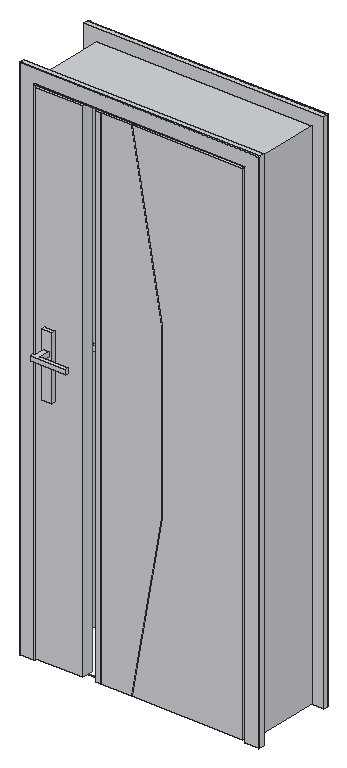
Revit family "NaturaIMPRESSbp_8", category Drzwi, Revit 2016
Family settings
  Obiekt nadrzędny = Ściana
  Zawsze pionowo = Tak
  Tnij formami wycięć po wczytaniu = Nie
  Współdzielony = Nie
  Punkt obliczania pomieszczeń = Nie
Parameters (values of type "PN 80")
  Zakres szerokości muru [instance] = if(and(Szerokość ściany > 94 mm, Szerokość ściany < 120 mm), "B", (if(and(Szerokość ściany > 119 mm, Szerokość ściany < 140 mm), "C", (if(and(Szerokość ściany > 139 mm, Szerokość ściany < 160 mm), "D", (if(and(Szerokość ściany > 159 mm, Szerokość ściany < 180 mm), "E", (if(and(Szerokość ściany > 179 mm, Szerokość ściany < 200 mm), "F", (if(and(Szerokość ściany > 199 mm, Szerokość ściany < 220 mm), "G", (if(and(Szerokość ściany > 219 mm, Szerokość ściany < 240 mm), "H", (if(and(Szerokość ściany > 239 mm, Szerokość ściany < 260 mm), "I", (if(and(Szerokość ściany > 259 mm, Szerokość ściany < 280 mm), "J", (if(and(Szerokość ściany > 279 mm, Szerokość ściany < 301 mm), "K", "BRAK")))))))))))))))))))  # "K"
  Wysokość brutto = 2060 mm
  Szerokość ściany [instance] = 300 mm
  Szerokość brutto = 880 mm
  Model = "Natura IMPRESS 8"
  Materiał_szyba = Szkło
  Materiał_relief = none
  Konstrukcja analityczna = "<Brak>"
  Funkcja = Wewnętrzna
  URL = "www.porta.com.pl"
  Ss = 818 mm
  Sb = 846 mm
  Producent = "PORTA KMI POLAND"  # constant formula
  Keynote = ""
  Opis = "Własność Porta KMI Poland, wszelkie prawa zastrzeżone."  # constant formula
  Wysokość = 2016 mm
  Zakończenie ściany = Wg obiektu nadrzędnego
  Szerokość = 800 mm
  Materiał_skrzydło [instance] = none
  Materiał_ościeżnica [instance] = none
  Materiał_klamka [instance] = none
  Hs = 2017 mm
Types (5, lengths in mm): name | Szerokość brutto | Materiał_szyba | Ss | Sb | Szerokość
  PN 70 | 780 | none | 718 | 746 | 700
  PN 60 | 680 | none | 618 | 646 | 600
  PN 80 | 880 | Szkło | 818 | 846 | 800
  PN 90 | 980 | none | 918 | 946 | 900
  PN 100 | 1080 | none | 1018 | 1046 | 1000
Reference planes
  plane 1: y = 0
  plane 2 "Środek (Lewa/Prawa)": x = 0
  plane 3 "Lewy": x = -440
  plane 4 "Prawy": x = 440
  plane 5: z = 2060
  plane 6 "Zewnętrzna": y = 150
  plane 7 "Wewnętrzna": y = -150
  plane 8 "skrzydło": y = -129
  plane 9: x = -409
  plane 10: x = 409
Forms (mm)
  Sweep 1, solid, material <- "Materiał_ościeżnica"
    path in 3D
      loop
        line (-440, -150, 0) -> (-440, -150, 2060) -> (440, -150, 2060) -> (440, -150, 0)
    profile origin (-440, -150, 1030) x (0, -1, 0) y (1, 0, 0)
      loop
        line (-24, 39) -> (-72, 39) -> (-72, 17) -> (0, 17) -> (0, -33) -> (16, -33)
        arc (16, -33) -> (18.121, -32.121) -> (19, -30) r 3
        line (19, -30) -> (19, 24)
        arc (19, 24) -> (18.121, 26.121) -> (16, 27) r 3
        line (16, 27) -> (-24, 27) -> (-24, 39)
  Sweep 2, solid, material <- "Materiał_ościeżnica"
    path in 3D
      loop
        line (440, 150, 0) -> (440, 150, 2060) -> (-440, 150, 2060) -> (-440, 150, 0)
    profile origin (-440, 150, 1030) x (1, 0, 0) y (0, 1, 0)
      loop
        line (-33, 0) -> (17, 0) -> (17, -228) -> (39, -228) -> (39, -1)
        arc (39, -1) -> (37.536, 2.536) -> (34, 4) r 5
        line (34, 4) -> (25, 4) -> (25, 16)
        arc (25, 16) -> (24.121, 18.121) -> (22, 19) r 3
        line (22, 19) -> (-30, 19)
        arc (-30, 19) -> (-32.121, 18.121) -> (-33, 16) r 3
        line (-33, 16) -> (-33, 0)
  Sweep 3, solid, not visible
    path in 3D
      loop
        line (-440, -150, 0) -> (-440, -150, 2060)
    profile origin (-440, -150, 1030) x (0, -1, 0) y (1, 0, 0)
      loop
        line (-151, 17) -> (-149, 17) -> (-149, 19) -> (-151, 19) -> (-151, 17)
Cuts and joins
  joined: Sweep 1, Sweep 2
Lines and regions (mm)
  Opening 1
    outline origin (-3050, -150, 0) x (1, 0, 0) y (0, 0, 1)
      loop
        line (2610, 0) -> (3490, 0) -> (3490, 2060) -> (2610, 2060) -> (2610, 0)
  sketch lines
    curve 1: line (-440, -150, 0) -> (-440, -150, 2060)
    curve 2: line (-440, -150, 2060) -> (440, -150, 2060)
    curve 3: line (440, -150, 2060) -> (440, -150, 0)
    curve 4: line (-440, 150, 2060) -> (-440, 150, 0)
    curve 5: line (440, 150, 2060) -> (-440, 150, 2060)
    curve 6: line (440, 150, 0) -> (440, 150, 2060)
    curve 12: line (-440, -150, 0) -> (-440, -150, 2060)
  symbolic lines, style "DoorsPanelProjection"
    curve 7: line (409, -150, 0) -> (409, -968, 0)
    curve 8: line (409, -968, 0) -> (369, -968, 0)
    curve 9: line (369, -968, 0) -> (369, -150, 0)
    curve 10: line (369, -150, 0) -> (409, -150, 0)
  symbolic lines, style "Ugięcie rzutu"
    curve 11: arc (-409, -150, 0) -> (-169.413, -728.413, 0) -> (409, -968, 0) r 818
Text (mm)
  text "Zewnętrzna" at (-2295.016, 1099.543, 0), in view "Poziom odniesienia"
  text "Zewnętrzna" at (0, 1615.38, 3698.081), in view "Lewy"
  text "Zewnętrzna" at (0, 1036.032, 3874.932), in view "Prawy"
Dimensions and locks
  equal spacing: plane 3 "Lewy", plane 2 "Środek (Lewa/Prawa)", plane 4 "Prawy"
  "Szerokość brutto": plane 3 "Lewy" to plane 4 "Prawy"
  "Wysokość brutto": plane 5 to host wall
  host wall to plane 5 = 2060 mm  (x2)
  locked: plane 6 "Zewnętrzna" to host wall at 0
  locked: plane 7 "Wewnętrzna" to host wall
  "Sb": Sweep 1 to Sweep 1
  locked: Sweep 1 sketch curve to Sweep 1 sketch curve at 22
  Sweep 1 sketch curve to Sweep 1 sketch curve = 50 mm
  locked: Sweep 1 sketch curve to profile plane at 72
  locked: Sweep 2 sketch curve to Sweep 2 sketch curve at 50
  locked: Sweep 2 sketch curve to Sweep 2 sketch curve at 22
  locked: Sweep 2 sketch curve to plane 6 "Zewnętrzna" at 1
  locked: curve 9 to curve 7 at 40
  "Ss": curve 8 to curve 10
  equal spacing: curve 11, plane 2 "Środek (Lewa/Prawa)", curve 7
  locked: plane 7 "Wewnętrzna" to plane 8 "skrzydło" at 21
  locked: host wall to Sweep 3 sketch curve at 1
  locked: Sweep 3 sketch curve to host wall at 1
  locked: Sweep 3 sketch curve to plane 6 "Zewnętrzna" at 151
  locked: plane 7 "Wewnętrzna" to Sweep 3 sketch curve at 151
  nested 1 to plane 2 "Środek (Lewa/Prawa)" to nested 1 = 409 mm, 409 mm
  locked: nested 1 to level at 8
  "Szerokość ściany": host wall to host wall
  equal spacing: plane 9, plane 2 "Środek (Lewa/Prawa)", plane 10
  "Ss": plane 9 to plane 10
  aligned and locked: plane 3 "Lewy" to Opening 1 sketch curve
  aligned and locked: plane 5 to Opening 1 sketch curve  (x2)
  aligned and locked: Opening 1 sketch curve to plane 4 "Prawy"
  aligned and locked: Opening 1 sketch curve to level
  aligned and locked: plane 1 to host wall
  aligned and locked: Sweep 1 to Sweep 2 sketch curve
  aligned and locked: plane 7 "Wewnętrzna" to curve 10
  aligned and locked: Sweep 3 sketch curve to cut or joined group of Sweep 1, Sweep 2
  aligned and locked: Sweep 2 sketch curve to cut or joined group of Sweep 1, Sweep 2
  aligned and locked: nested 1 to plane 8 "skrzydło"
  aligned and locked: nested 1 to plane 9
Automatic sketch dimensions
  profile plane to Sweep 1 sketch curve = 24 mm
  Sweep 1 sketch curve to profile plane = 16 mm  (x2)
  Sweep 1 sketch curve to Sweep 1 sketch curve = 3 mm
  profile plane to Sweep 1 sketch curve = 17 mm
  Sweep 1 sketch curve to Sweep 1 sketch curve = 7 mm
  Sweep 1 sketch curve to profile plane = 0 mm
  Sweep 2 sketch curve to profile plane = 0 mm
  Sweep 2 sketch curve to profile plane = 16 mm
  Sweep 2 sketch curve to Sweep 2 sketch curve = 3 mm
  Sweep 2 sketch curve to Sweep 2 sketch curve = 5 mm
  Sweep 2 sketch curve to profile plane = 4 mm
  Sweep 2 sketch curve to Sweep 2 sketch curve = 8 mm
  curve 11 to host wall = 0 mm
  Sweep 3 sketch curve to Sweep 3 sketch curve = 2 mm
Nested families
  nested 1: "skrzydło" at (0, -135.5, 0), type "skrzydło"
Definition of nested family "skrzydło"
  Parameters
    Ss = 818 mm
    Materiał_skrzydło = none
    Materiał_klamka = none
    Materiał szyba = none
    Materiał relief = none
    Hs = 2017 mm
  Reference planes
    plane 1 "Tył": y = 6.5
    plane 2: z = 0
    plane 3 "Środek (Lewa/Prawa)": x = 0
    plane 4 "Przód": y = -33.5
    plane 5: z = 2025
    plane 6 "Centrum": y = -13.5
    plane 7: z = 8
    plane 8: x = -409
    plane 9: x = 409
    plane 10: x = -152
    plane 11: x = -32
    plane 12: x = -172
    plane 13: x = -222
    plane 14: x = 102
  Forms (mm)
    Extrusion 1, solid, material <- "Materiał_skrzydło"
      sketch origin (-892.016, -13.5, 1200) x (-1, 0, 0) y (0, 0, 1)
        loop
          line (-1301.016, -1192) -> (-860.016, -1192)
          arc (-860.016, -1192) -> (-994.016, -183.5) -> (-860.016, 825) r 3862.046
          line (-860.016, 825) -> (-1301.016, 825) -> (-1301.016, -1192)
        loop
          line (-483.016, -1192) -> (-483.016, 825) -> (-670.016, 825) -> (-670.016, -1192) -> (-483.016, -1192)
        loop
          line (-720.016, 825) -> (-740.016, 825) -> (-740.016, -1192) -> (-720.016, -1192) -> (-720.016, 825)
      from 20 to -20
    Extrusion 2, solid, material <- "Materiał relief"
      sketch origin (0, 6.5, 0) x (1, 0, 0) y (0, 0, 1)
        loop
          line (-152, 2025) -> (-152, 8) -> (-32, 8)
          arc (-32, 8) -> (102, 1016.5) -> (-32, 2025) r 3862.046
          line (-32, 2025) -> (-152, 2025)
      from 0 to 40
    Extrusion 3, solid, material <- "Materiał szyba"
      sketch origin (-892.016, -13.5, 1200) x (-1, 0, 0) y (0, 0, 1)
        loop
          line (-670.016, 825) -> (-720.016, 825) -> (-720.016, -1192) -> (-670.016, -1192) -> (-670.016, 825)
      from -4 to 4
  Dimensions and locks
    locked: plane 7 to level at 8
    "Hs": plane 5 to plane 7
    locked: nested 1 to plane 7 at 934
    locked: plane 7 to nested 2 at 934
    equal spacing: plane 4 "Przód", plane 6 "Centrum", plane 1 "Tył"
    "Ss": plane 8 to plane 9
    locked: plane 8 to nested 1 at 55
    locked: plane 8 to nested 2 at 55
    locked: plane 11 to plane 10 at 120
    locked: plane 8 to plane 10 at 257
    plane 8 to plane 13 to plane 12 = 187 mm locked, 50 mm locked
    locked: plane 8 to plane 14 at 511
    aligned and locked: nested 1 to plane 4 "Przód"
    aligned and locked: nested 2 to nested 1
    aligned and locked: Extrusion 1 sketch curve to plane 9
    aligned and locked: Extrusion 1 to plane 4 "Przód"
    aligned and locked: Extrusion 1 to plane 1 "Tył"
    aligned and locked: Extrusion 2 to plane 4 "Przód"
    aligned and locked: Extrusion 2 sketch curve to plane 10
    aligned and locked: Extrusion 2 sketch curve to plane 5
    aligned and locked: plane 8 to Extrusion 1 sketch curve
    aligned and locked: plane 5 to Extrusion 1 sketch curve  (x2)
    aligned and locked: plane 7 to Extrusion 1 sketch curve  (x2)
    aligned and locked: Extrusion 2 sketch curve to plane 7
    aligned and locked: Extrusion 1 sketch curve to plane 13
    aligned and locked: plane 12 to Extrusion 1 sketch curve
    aligned and locked: plane 10 to Extrusion 1 sketch curve
    aligned and locked: plane 5 to Extrusion 3 sketch curve
    aligned and locked: plane 13 to Extrusion 3 sketch curve
    aligned and locked: plane 12 to Extrusion 3 sketch curve
    aligned and locked: plane 7 to Extrusion 3 sketch curve
    aligned and locked: Extrusion 2 sketch curve to Extrusion 1
  Automatic sketch dimensions
    Extrusion 1 sketch curve to plane 5 = 0 mm
    plane 11 to Extrusion 1 sketch curve = 0 mm  (x2)
    Extrusion 1 sketch curve to plane 7 = 0 mm
    plane 8 to Extrusion 1 sketch curve = 3351.046 mm
  Nested families
    nested 1: "KLAMKA" at (-354, -33.5, 1067), Materiał klamki <- "Materiał_klamka", type "KLAMKA"
      with Materiał klamki none
    nested 2: "KLAMKA" at (-354, 6.5, 1067), Materiał klamki <- "Materiał_klamka", type "KLAMKA"
      with Materiał klamki none
  Definition of nested family "KLAMKA"
    Parameters
      Materiał klamki [instance] = none
      Assembly Code = ""
      Default Elevation = 1219.2 mm
    Reference planes
      plane 1 "Center (Front/Back)": y = 0
      plane 2: z = 0
      plane 3 "Center (Left/Right)": x = 0
      plane 4: z = 125
      plane 5: z = -125
      plane 6: x = 20
      plane 7: x = -20
      plane 8: y = -70
      plane 9: y = -60
      plane 10: x = 10
      plane 11: x = -10
      plane 12: x = 120
      plane 13: z = 35
      plane 14: z = 55
      plane 15: y = -15
    Forms (mm)
      Extrusion 1, solid, material <- "Materiał klamki"
        sketch origin (0, 0, 0) x (1, 0, 0) y (0, 0, 1)
          loop
            line (-20, 125) -> (-20, -125) -> (20, -125) -> (20, 125) -> (-20, 125)
        from 0 to 15
      Extrusion 2, solid, material <- "Materiał klamki"
        sketch origin (0, 0, 0) x (1, 0, 0) y (0, 1, 0)
          loop
            line (-10, -15) -> (-10, -60) -> (-20, -60) -> (-20, -70) -> (120, -70) -> (120, -60) -> (10, -60) -> (10, -15) -> (-10, -15)
        from 35 to 55
    Dimensions and locks
      equal spacing: plane 4, plane 2, plane 5
      plane 4 to plane 5 = 250 mm
      equal spacing: plane 7, plane 3 "Center (Left/Right)", plane 6
      plane 7 to plane 6 = 40 mm
      plane 8 to plane 1 "Center (Front/Back)" = 70 mm
      plane 11 to plane 3 "Center (Left/Right)" to plane 10 = 10 mm locked, 10 mm locked
      plane 7 to plane 12 = 140 mm
      plane 15 to plane 1 "Center (Front/Back)" = 15 mm
      aligned and locked: plane 7 to Extrusion 1 sketch curve
      aligned and locked: Extrusion 1 sketch curve to plane 4
      aligned and locked: plane 5 to Extrusion 1 sketch curve
      aligned and locked: Extrusion 1 sketch curve to plane 6
      aligned and locked: plane 15 to Extrusion 1
      aligned and locked: Extrusion 1 to plane 1 "Center (Front/Back)"
      aligned and locked: plane 14 to Extrusion 2
      aligned and locked: Extrusion 2 to plane 13
    Automatic sketch dimensions
      Extrusion 2 sketch curve to plane 7 = 0 mm
      Extrusion 2 sketch curve to plane 9 = 0 mm  (x2)
      Extrusion 2 sketch curve to plane 11 = 0 mm
      Extrusion 2 sketch curve to plane 10 = 0 mm
      Extrusion 2 sketch curve to plane 12 = 0 mm
      Extrusion 2 sketch curve to plane 8 = 0 mm
      Extrusion 2 sketch curve to plane 15 = 0 mm
